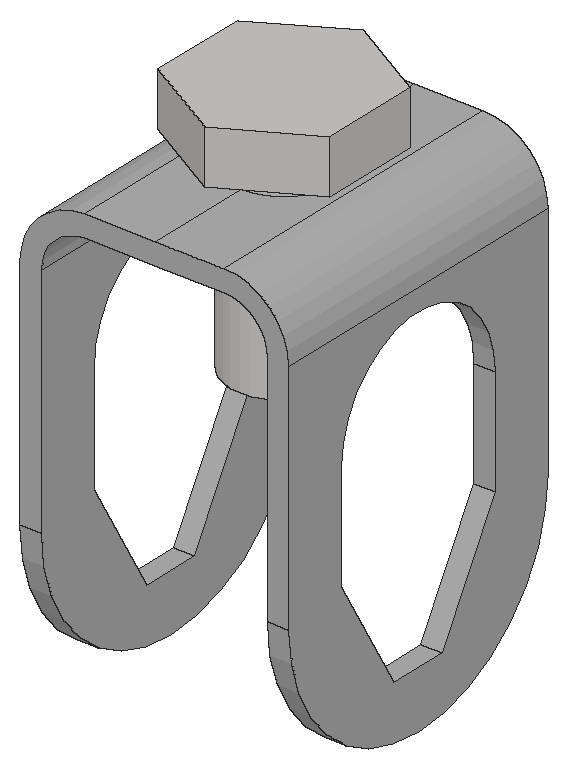
Revit family "FA_ЗажимСоединенительный_Пруток_Стержень_EZETEK", category Системы пожарной сигнализации, Revit 2017
Family settings
  Сохранять ориентацию аннотаций = Нет
  Размер круглого соединителя = Использовать радиус
  Тип детали = Нормальный
  На основе рабочей плоскости = Нет
  Всегда вертикально = Да
  При загрузке вырезать с полостями = Нет
  Общий = Нет
  Точка расчета площади = Нет
Parameters (values of type "ЗажимСоединенительный_Пруток_Стержень_Сталь_Оцинкованная_90555")
  Описание = "Зажим соединение прутка и стержня осуществляется затяжкой болта. Болт имеет резьбу М10."  # constant formula
  Производитель_Контакты = "ezetek@ezetek.ru"  # constant formula
  Изготовитель = "Ezetek"  # constant formula
  Группа модели = "Зажимы заземления"  # constant formula
  URL = "https://ezetek.ru/"
  ADSK_Этаж [instance] = ""
  ADSK_Примечание [instance] = ""
  ADSK_Позиция [instance] = ""
  ADSK_Обозначение = "90551"
  ADSK_Наименование краткое [instance] = "Зажим соединительный"
  ADSK_Наименование = "Зажим соединительный пруток — стержень, оцинк."
  ADSK_Материал = BIMLIB_Сталь_Оцинкованная_EZETEK
  ADSK_Масса_Текст = "0.053"
  ADSK_Масса = 0.053
  ADSK_Марка = "90551"
  ADSK_Количество = 1  # constant formula
  ADSK_Код изделия = "90551"
  ADSK_Завод-изготовитель = "Ezetek"  # constant formula
  ADSK_Единица измерения = "шт."  # constant formula
  ADSK_Группирование [instance] = ""
  ADSK_Версия Revit = "2017"  # constant formula
Types (3, lengths in mm): name | ADSK_Обозначение | ADSK_Наименование | ADSK_Материал | ADSK_Марка | ADSK_Код изделия
  ЗажимСоединенительный_Пруток_Стержень_Медь_90554 | "90554" | "Зажим соединительный пруток — стержень, медь" | BIMLIB_Медь_EZETEK | "90554" | "90554"
  ЗажимСоединенительный_Пруток_Стержень_Латунь_90555 | "90555" | "Зажим соединительный пруток — стержень, латунь" | BIMLIB_Латунь_EZETEK | "90555" | "90555"
  ЗажимСоединенительный_Пруток_Стержень_Сталь_Оцинкованная_90555 | "90551" | "Зажим соединительный пруток — стержень, оцинк." | BIMLIB_Сталь_Оцинкованная_EZETEK | "90551" | "90551"
Reference planes
  plane 1 "По центру (Вперед/Назад)": y = 0
  plane 2: z = 0
  plane 3 "По центру (Влево/Вправо)": x = 0
  plane 4: z = 24
  plane 5: z = -26
  plane 6: x = -12.5
  plane 7: x = 12.5
  plane 8: z = 17
  plane 9: y = -15
  plane 10: y = 15
  plane 11: z = 19
Forms (mm)
  Extrusion 1, solid, material "BIMLIB_Сталь_Оцинкованная_EZETEK" <- "ADSK_Материал", detail levels fine
    sketch origin (0, 0, 0) x (1, 0, 0) y (0, 0, 1)
      loop
        line (-12.5, -26) -> (-10.5, -26) -> (-10.5, 10.972)
        arc (-10.5, 10.972) -> (-9.32, 13.82) -> (-6.472, 15) r 4.028
        line (-6.472, 15) -> (0, 15) -> (6.472, 15)
        arc (6.472, 15) -> (9.32, 13.82) -> (10.5, 10.972) r 4.028
        line (10.5, 10.972) -> (10.5, -26) -> (12.5, -26) -> (12.5, 10.959)
        arc (12.5, 10.959) -> (10.731, 15.231) -> (6.459, 17) r 6.041
        line (6.459, 17) -> (0.046, 17) -> (-6.459, 17)
        arc (-6.459, 17) -> (-10.731, 15.231) -> (-12.5, 10.959) r 6.041
        line (-12.5, 10.959) -> (-12.5, -26)
    from 15 to -15
  Extrusion 2, void
    sketch origin (0, 0, 0) x (0, 1, 0) y (0, 0, 1)
      loop
        arc (9, 0) -> (0, 9) -> (-9, 0) r 9
        line (-9, 0) -> (-9, -10) -> (-2.825, -20.695) -> (2.825, -20.695) -> (9, -10) -> (9, 0)
    from -10.5 to -12.5
  Extrusion 3, void
    sketch origin (0, 0, 0) x (0, 1, 0) y (0, 0, -1)
      loop
        line (9, 0) -> (9, 10) -> (2.825, 20.695) -> (-2.825, 20.695) -> (-9, 10) -> (-9, 0)
        arc (-9, 0) -> (0, -9) -> (9, 0) r 9
    from -10.5 to -12.5
  Extrusion 4, void
    sketch origin (0, 0, 0) x (0, 1, 0) y (0, 0, 1)
      loop
        line (0, -26) -> (15, -26) -> (15, -11)
        arc (15, -11) -> (10.607, -21.607) -> (0, -26) r 15
    from 12.5 to -12.5
  Extrusion 5, void
    sketch origin (0, 0, 0) x (0, -1, 0) y (0, 0, -1)
      loop
        arc (0, 26) -> (10.607, 21.607) -> (15, 11) r 15
        line (15, 11) -> (15, 26) -> (0, 26)
    from 12.5 to -12.5
  Extrusion 6, solid, material "BIMLIB_Сталь_Нержавеющая_EZETEK", detail levels fine
    sketch origin (0, 0, 0) x (1, 0, 0) y (0, 1, 0)
      loop
        line (7.985, 4.61) -> (0, 9.22) -> (-7.985, 4.61) -> (-7.985, -4.61) -> (0, -9.22) -> (7.985, -4.61) -> (7.985, 4.61)
    from 24 to 19
  Extrusion 7, solid, material "BIMLIB_Сталь_Нержавеющая_EZETEK", detail levels fine
    sketch origin (0, 0, 0) x (1, 0, 0) y (0, 1, 0)
      loop
        circle (0, 0) r 5
    from 19 to 0
Cuts and joins
  Extrusion 2, Extrusion 3, Extrusion 4, Extrusion 5 cuts Extrusion 1
Dimensions and locks
  locked: plane 4 to plane 2 at 24
  locked: plane 2 to plane 5 at 26
  locked: plane 6 to plane 3 "По центру (Влево/Вправо)" at 12.5
  locked: plane 7 to plane 3 "По центру (Влево/Вправо)" at 12.5
  locked: plane 4 to plane 8 at 7
  locked: plane 9 to plane 1 "По центру (Вперед/Назад)" at 15
  locked: plane 10 to plane 1 "По центру (Вперед/Назад)" at 15
  locked: plane 4 to plane 11 at 5
  plane 3 "По центру (Влево/Вправо)" to Extrusion 6 = 7.985 mm
  aligned and locked: level to plane 2
  aligned and locked: Extrusion 1 to plane 9
  aligned and locked: Extrusion 1 to plane 10
  aligned and locked: plane 6 to Extrusion 2
  aligned and locked: Extrusion 1 to Extrusion 2
  aligned and locked: plane 7 to Extrusion 4
  aligned and locked: plane 6 to Extrusion 4
  aligned and locked: plane 4 to Extrusion 6
  aligned and locked: Extrusion 6 to plane 11
  aligned and locked: plane 11 to Extrusion 7
  aligned and locked: Extrusion 7 to plane 2
